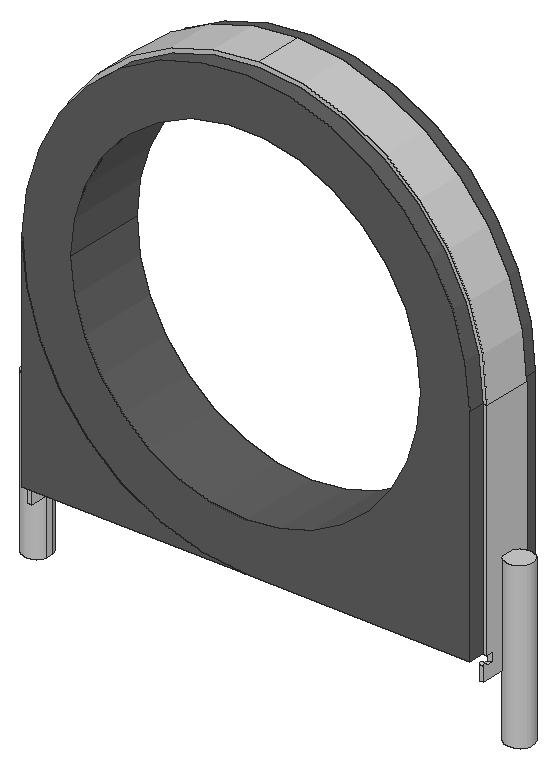
Revit family "TH_Foam Pipe Clamp", category Pipe Accessories, Revit 2023
Family settings
  Round Connector Dimension = Use Diameter
  Part Type = Normal
  Work Plane-Based = Yes
  Always vertical = Yes
  Cut with Voids When Loaded = Yes
  Shared = Yes
Parameters (values of type "TH_FOAM PIPE CLAMP")
  System_Type [instance] = ""
  Insulation [instance] = 30 mm
  Default Elevation = 1219.2 mm
  Assembly Code = "5997592131"
  Manufacturer = "WURTH"
  DN [instance] = 214 mm
  r3 [instance] = r1 + 17 mm  # 154 mm
  r2 [instance] = r1 + 2.8 mm  # 139.8 mm
  r1 [instance] = r + Insulation  # 137 mm
  r [instance] = DN / 2  # 107 mm
Reference planes
  plane 1 "中心(前/后)": y = 0
  plane 2: z = 0
  plane 3 "中心(左/右)": x = 0
  plane 4: z = -137
Forms (mm)
  Extrusion 1, solid, material "镀锌板1"
    sketch origin (0, 0, 0) x (1, 0, 0) y (0, 0, 1)
      loop
        line (137, 0) -> (139.589, 0)
        arc (139.589, 0) -> (98.642, 98.766) -> (-0.176, 139.589) r 139.589
        arc (-0.176, 139.589) -> (-98.766, 98.642) -> (-139.589, 0) r 139.589
        line (-139.589, 0) -> (-137, 0)
        arc (-137, 0) -> (-97.098, 96.649) -> (-0.636, 136.999) r 137
        arc (-0.636, 136.999) -> (96.649, 97.098) -> (137, 0) r 137
    from -15 to 15
  Extrusion 2, solid, material "保温层1"
    sketch origin (0, 0, 0) x (1, 0, 0) y (0, 0, 1)
      loop
        circle (0, 0) r 137
      loop
        circle (0, 0) r 107
    from -25 to 25
  Extrusion 3, solid, material "镀锌板1"
    sketch origin (0, 0, 0) x (1, 0, 0) y (0, 0, 1)
      loop
        line (137, 0) -> (137, -137) -> (139.8, -137) -> (139.8, 0) -> (137, 0)
    from -15 to 15
  Extrusion 4, solid, material "镀锌板1"
    sketch origin (0, 0, 0) x (-1, 0, 0) y (0, 0, -1)
      loop
        line (137, 0) -> (139.8, 0) -> (139.8, 137) -> (137, 137) -> (137, 0)
    from -15 to 15
  Extrusion 5, solid, material "镀锌板1"
    sketch origin (9.5, 0, 0) x (0, 1, 0) y (0, 0, 1)
      loop
        line (10.65, -137) -> (-10.65, -137) -> (-10.65, -142.5) -> (-14.5, -142.5) -> (-15.793, -141.207)
        arc (-15.793, -141.207) -> (-16.883, -140.99) -> (-17.5, -141.914) r 1
        line (-17.5, -141.914) -> (-17.5, -150.5) -> (17.5, -150.5) -> (17.5, -141.914)
        arc (17.5, -141.914) -> (16.883, -140.99) -> (15.793, -141.207) r 1
        line (15.793, -141.207) -> (14.5, -142.5) -> (10.65, -142.5) -> (10.65, -137)
    from 127.5 to 130.3
  Extrusion 6, solid, material "镀锌板1"
    sketch origin (-9.5, 0, 0) x (0, 1, 0) y (0, 0, -1)
      loop
        line (10.65, 137) -> (10.65, 142.5) -> (14.5, 142.5) -> (15.793, 141.207)
        arc (15.793, 141.207) -> (16.883, 140.99) -> (17.5, 141.914) r 1
        line (17.5, 141.914) -> (17.5, 150.5) -> (-17.5, 150.5) -> (-17.5, 141.914)
        arc (-17.5, 141.914) -> (-16.883, 140.99) -> (-15.793, 141.207) r 1
        line (-15.793, 141.207) -> (-15.086, 141.914) -> (-10.65, 141.914) -> (-10.65, 137) -> (10.65, 137)
    from 127.5 to 130.3
  Extrusion 7, solid, material "保温层1"
    sketch origin (0, 0, 0) x (1, 0, 0) y (0, 0, 1)
      loop
        line (0, -137) -> (137, -137) -> (137, 0)
        arc (137, 0) -> (96.874, -96.874) -> (0, -137) r 137
    from -25 to 25
  Extrusion 8, solid, material "镀锌板1"
    sketch origin (0, 0, 0) x (1, 0, 0) y (0, 1, 0)
      loop
        arc (139.8, -2.575) -> (155.909, -0.195) -> (139.8, 2.186) r 8.23
        line (139.8, 2.186) -> (139.8, -2.575)
    from -187 to -87
  Extrusion 9, solid, material "镀锌板1"
    sketch origin (0, 0, -19.627) x (-1, 0, 0) y (0, -1, 0)
      loop
        line (139.8, 2.575) -> (139.8, -2.186)
        arc (139.8, -2.186) -> (155.909, 0.195) -> (139.8, 2.575) r 8.23
    from -167.373 to -67.373
  Extrusion 10, solid, material "保温层1"
    sketch origin (0, 0, 0) x (-1, 0, 0) y (0, 0, -1)
      loop
        arc (0, 137) -> (96.874, 96.874) -> (137, 0) r 137
        line (137, 0) -> (137, 137) -> (0, 137)
    from -25 to 25
Cuts and joins
  joined: Extrusion 3, Extrusion 5
  joined: Extrusion 4, Extrusion 6
  joined: Extrusion 2, Extrusion 7
Lines and regions (mm)
  reference lines
    curve 1: line (7.5, 0, 170.062) -> (7.5, 0, 136.795)
    curve 2: arc (137, 0, 0) -> (99.49, 0, 94.185) -> (7.5, 0, 136.795) r 137
    curve 3: line (-7.5, 0, 170.062) -> (-7.5, 0, 136.795)
    curve 4: arc (-137, 0, 0) -> (-99.49, 0, 94.185) -> (-7.5, 0, 136.795) r 137
    curve 5: arc (139.589, 0, 0) -> (102.247, 0, 95.029) -> (10.2, 0, 139.215) r 139.589
    curve 6: line (10.2, 0, 170.062) -> (10.2, 0, 139.215)
    curve 7: line (-10.2, 0, 170.062) -> (-10.2, 0, 139.215)
    curve 8: arc (-139.589, 0, 0) -> (-102.247, 0, 95.029) -> (-10.2, 0, 139.215) r 139.589
Dimensions and locks
  "r1": curve 8 to Extrusion 3
  "r1": plane 3 "中心(左/右)" to Extrusion 4
  "r1": level to Extrusion 4
  "r1": level to Extrusion 3
  "r1": level to Extrusion 5
  "r1": level to Extrusion 6
  "r1": plane 3 "中心(左/右)" to Extrusion 6
  "r1": plane 3 "中心(左/右)" to Extrusion 5
  "r2": Extrusion 5 to plane 3 "中心(左/右)"
  "r2": Extrusion 6 to plane 3 "中心(左/右)"
  "r2": Extrusion 3 to plane 3 "中心(左/右)"
  "r2": Extrusion 4 to plane 3 "中心(左/右)"
  "r1": plane 2 to plane 4
  locked: plane 4 to Extrusion 9 at 50
  locked: Extrusion 9 to plane 4 at 50
  locked: Extrusion 8 to plane 4 at 50
  locked: plane 4 to Extrusion 8 at 50
  radius of curve 2 = 137 mm
  "r1": radius of curve 2
  "r1": radius of Extrusion 2 sketch curve
  "r": radius of Extrusion 2 sketch curve
  aligned and locked: level to plane 2
  aligned and locked: level to curve 2
  aligned and locked: plane 3 "中心(左/右)" to curve 2
  aligned and locked: Extrusion 1 sketch curve to curve 2
  aligned and locked: Extrusion 1 sketch curve to curve 5
  aligned and locked: Extrusion 1 sketch curve to curve 4
  aligned and locked: Extrusion 1 sketch curve to curve 8
  aligned and locked: Extrusion 5 to Extrusion 3
  aligned and locked: Extrusion 6 to Extrusion 4
  aligned and locked: Extrusion 7 sketch curve to Extrusion 2
  aligned and locked: Extrusion 7 sketch curve to cut or joined group of Extrusion 3, Extrusion 5
  aligned and locked: Extrusion 7 to Extrusion 2
  aligned and locked: Extrusion 2 to Extrusion 7
  aligned and locked: Extrusion 8 to cut or joined group of Extrusion 3, Extrusion 5
  aligned and locked: Extrusion 9 to cut or joined group of Extrusion 4, Extrusion 6
  aligned and locked: Extrusion 10 sketch curve to cut or joined group of Extrusion 4, Extrusion 6
  aligned and locked: Extrusion 10 sketch curve to cut or joined group of Extrusion 2, Extrusion 7  (x2)
Automatic sketch dimensions
  curve 2 to curve 4 = 0 mm  (x2)
  curve 2 to curve 5 = 0 mm  (x2)
  curve 2 to curve 8 = 0 mm  (x2)
  curve 3 to plane 3 "中心(左/右)" = 7.5 mm
  curve 7 to curve 3 = 2.7 mm
  plane 3 "中心(左/右)" to curve 1 = 7.5 mm
  curve 2 to curve 6 = 2.7 mm
  curve 3 to curve 1 = 0 mm
  curve 2 to curve 6 = 2.421 mm
  curve 3 to curve 7 = 2.421 mm
  curve 6 to curve 6 = 30.846 mm
  curve 3 to curve 6 = 0 mm
  curve 1 to curve 6 = 0 mm
  curve 7 to curve 3 = 0 mm
  Extrusion 1 sketch curve to plane 3 "中心(左/右)" = 0.636 mm
  Extrusion 1 sketch curve to plane 3 "中心(左/右)" = 0.176 mm
  Extrusion 2 sketch curve to Extrusion 2 sketch curve = 0 mm  (x2)
  Extrusion 2 sketch curve to level = 0 mm
  Extrusion 2 sketch curve to plane 3 "中心(左/右)" = 0 mm
  Extrusion 3 sketch curve to level = 0 mm
  plane 3 "中心(左/右)" to Extrusion 3 sketch curve = 137 mm
  Extrusion 3 sketch curve to Extrusion 3 sketch curve = 2.8 mm
  Extrusion 3 sketch curve to Extrusion 3 sketch curve = 137 mm
  Extrusion 4 sketch curve to level = 0 mm
  plane 3 "中心(左/右)" to Extrusion 4 sketch curve = 137 mm
  Extrusion 4 sketch curve to Extrusion 4 sketch curve = 2.8 mm
  level to Extrusion 4 sketch curve = 137 mm
  plane 1 "中心(前/后)" to Extrusion 5 sketch curve = 17.5 mm
  Extrusion 5 sketch curve to Extrusion 5 sketch curve = 1 mm
  Extrusion 5 sketch curve to Extrusion 5 sketch curve = 0.707 mm  (x2)
  Extrusion 5 sketch curve to Extrusion 5 sketch curve = 1.293 mm  (x2)
  Extrusion 5 sketch curve to Extrusion 5 sketch curve = 3.85 mm  (x2)
  Extrusion 5 sketch curve to plane 1 "中心(前/后)" = 10.65 mm
  Extrusion 5 sketch curve to Extrusion 5 sketch curve = 3 mm
  Extrusion 5 sketch curve to level = 150.5 mm
  Extrusion 5 sketch curve to Extrusion 5 sketch curve = 8 mm  (x2)
  Extrusion 5 sketch curve to Extrusion 5 sketch curve = 0.586 mm  (x2)
  Extrusion 5 sketch curve to Extrusion 5 sketch curve = 5.5 mm
  plane 1 "中心(前/后)" to Extrusion 6 sketch curve = 17.5 mm
  Extrusion 6 sketch curve to Extrusion 6 sketch curve = 1 mm
  Extrusion 6 sketch curve to Extrusion 6 sketch curve = 0.707 mm  (x3)
  Extrusion 6 sketch curve to Extrusion 6 sketch curve = 4.436 mm
  Extrusion 6 sketch curve to plane 1 "中心(前/后)" = 10.65 mm
  Extrusion 6 sketch curve to Extrusion 6 sketch curve = 3.85 mm
  Extrusion 6 sketch curve to Extrusion 6 sketch curve = 1.293 mm  (x2)
  Extrusion 6 sketch curve to Extrusion 6 sketch curve = 3 mm
  Extrusion 6 sketch curve to level = 137 mm
  Extrusion 6 sketch curve to Extrusion 6 sketch curve = 4.207 mm  (x2)
  Extrusion 6 sketch curve to Extrusion 6 sketch curve = 4.914 mm
  Extrusion 6 sketch curve to Extrusion 6 sketch curve = 8 mm
  Extrusion 7 sketch curve to plane 3 "中心(左/右)" = 0 mm
  Extrusion 7 sketch curve to level = 0 mm
  Extrusion 7 sketch curve to Extrusion 7 sketch curve = 0 mm
  Extrusion 8 sketch curve to plane 1 "中心(前/后)" = 2.186 mm
  plane 3 "中心(左/右)" to Extrusion 8 sketch curve = 139.8 mm
  plane 1 "中心(前/后)" to Extrusion 8 sketch curve = 0.195 mm
  Extrusion 8 sketch curve to Extrusion 8 sketch curve = 7.879 mm
  Extrusion 9 sketch curve to plane 1 "中心(前/后)" = 2.186 mm
  Extrusion 9 sketch curve to plane 3 "中心(左/右)" = 139.8 mm
  plane 1 "中心(前/后)" to Extrusion 9 sketch curve = 0.195 mm
  Extrusion 9 sketch curve to Extrusion 9 sketch curve = 7.879 mm
  Extrusion 10 sketch curve to plane 3 "中心(左/右)" = 0 mm
  Extrusion 10 sketch curve to level = 0 mm
